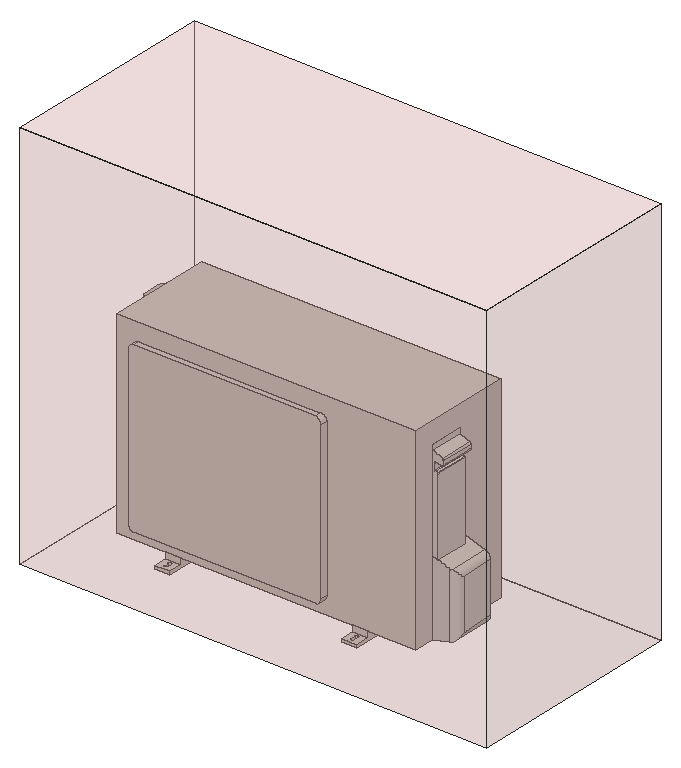
Revit family "MUZ-AY20VG-E1,ET1", category Mechanical Equipment, Revit 2018 (continued)
Automatic sketch dimensions
  curve 32 to Extrusion 4 = 0.00 mm  (x2)
  curve 33 to Extrusion 4 = 0.00 mm  (x2)
  curve 34 to Extrusion 4 = 0.00 mm  (x2)
  curve 35 to Extrusion 4 = 0.00 mm  (x2)
  curve 36 to Extrusion 4 = 0.00 mm  (x2)
  curve 37 to Extrusion 4 = 0.00 mm  (x2)
  curve 38 to Extrusion 4 = 0.00 mm  (x2)
  curve 39 to Extrusion 4 = 0.00 mm  (x2)
  curve 40 to Extrusion 4 = 0.00 mm  (x2)
  curve 41 to Extrusion 4 = 0.00 mm  (x2)
  curve 42 to Extrusion 4 = 0.00 mm  (x2)
  curve 43 to Extrusion 4 = 0.00 mm  (x2)
  curve 44 to Extrusion 4 = 0.00 mm  (x2)
  curve 45 to Extrusion 4 = 0.00 mm  (x2)
  curve 46 to Extrusion 4 = 0.00 mm  (x2)
  curve 68 to Extrusion 4 = 0.00 mm  (x2)
  curve 69 to Extrusion 4 = 0.00 mm  (x2)
  curve 424 to Extrusion 4 = 258.00 mm
  curve 424 to curve 425 = 0.00 mm  (x2)
  curve 425 to Extrusion 4 = 224.00 mm
  curve 26 to curve 424 = 18.00 mm
  curve 25 to curve 26 = 12.00 mm
  curve 24 to curve 25 = 12.00 mm
  curve 23 to curve 24 = 12.00 mm
  curve 22 to curve 23 = 12.107 mm
  curve 21 to curve 22 = 11.893 mm
  curve 20 to curve 21 = 12.00 mm
  curve 19 to curve 20 = 12.00 mm
  curve 18 to curve 19 = 12.00 mm
  curve 17 to curve 18 = 12.00 mm
  curve 11 to curve 17 = 12.00 mm
  curve 10 to curve 11 = 12.107 mm
  curve 9 to curve 10 = 11.893 mm
  curve 8 to curve 9 = 12.00 mm
  curve 7 to curve 8 = 12.00 mm
  curve 6 to curve 7 = 12.00 mm
  curve 5 to curve 6 = 12.00 mm
  curve 4 to curve 5 = 12.00 mm
  curve 71 to curve 4 = 12.00 mm
  curve 12 to Extrusion 4 = 12.00 mm
  curve 26 to curve 27 = 12.00 mm
  curve 27 to curve 28 = 12.00 mm
  curve 28 to curve 29 = 11.893 mm
  curve 29 to curve 30 = 12.107 mm
  curve 30 to curve 31 = 12.00 mm
  curve 31 to curve 32 = 12.00 mm
  curve 32 to curve 33 = 12.00 mm
  curve 33 to curve 34 = 12.00 mm
  curve 34 to curve 35 = 12.00 mm
  curve 35 to curve 36 = 11.893 mm
  curve 36 to curve 37 = 12.107 mm
  curve 37 to curve 38 = 12.00 mm
  curve 38 to curve 39 = 12.00 mm
  curve 39 to curve 40 = 12.00 mm
  curve 40 to curve 41 = 12.00 mm
  curve 41 to curve 42 = 11.893 mm
  curve 42 to curve 43 = 12.107 mm
  curve 43 to curve 44 = 12.00 mm
  curve 44 to curve 45 = 12.00 mm
  curve 45 to curve 46 = 12.00 mm
  curve 46 to curve 68 = 12.00 mm
  curve 16 to Extrusion 4 = 12.00 mm
  curve 16 to Extrusion 4 = 36.00 mm
  curve 16 to curve 15 = 94.00 mm
  curve 15 to curve 14 = 94.00 mm
  curve 14 to curve 13 = 94.00 mm
  curve 12 to curve 69 = 36.00 mm
  Extrusion 4 to curve 424 = 0.00 mm  (x2)
  curve 424 to curve 426 = 0.00 mm  (x3)
  curve 424 to curve 426 = 222.027 mm  (x2)
  radius of Extrusion 2 sketch curve = 1.954 mm  (x6)
  radius of Extrusion 3 sketch curve = 2.00 mm  (x4)
  radius of Extrusion 12 sketch curve = 21.00 mm
  radius of Extrusion 13 sketch curve = 2.00 mm
  radius of curve 424 = 250.00 mm
  radius of curve 425 = 186.676 mm
Nested families
  nested 1: "leg" at (225.1, -10.95, 0), type "leg"
  nested 2: "leg" at (-274.9, -10.95, 0), type "leg"
  nested 3: "ファミリ1" at (375.1, -50.141, 26), type "ファミリ1"
Connectors
  piping at (430.417, -33.1, 99.519), diameter 9.52, driven by "Gas pipe O.D. (mm)"
    settings: on Extrusion 5, index 1, connector inside diameter 609.6 mm, connector length 0.00 mm, flow factor 0, pipe flow 0.0 L/s, pressure drop 0.0 Pa, fitting loss kfactor 0, connector angle 0.00°, fixture units 0, engagement length 0.00 mm, angle of deflection 0.00°, flow configuration 0, flow direction 0, fitting loss method 0, system type 22, joint type 0, gender type 0, connector reference index -1, connector utility 0, adjustable connector no, is connector primary yes, connector description "Gas Pipe"
  piping at (430.417, -33.1, 164.527), diameter 6.35, driven by "Liquid pipe O.D. (mm)"
    settings: on Extrusion 6, index 2, connector inside diameter 609.6 mm, connector length 0.00 mm, flow factor 0, pipe flow 0.0 L/s, pressure drop 0.0 Pa, fitting loss kfactor 0, connector angle 0.00°, fixture units 0, engagement length 0.00 mm, angle of deflection 0.00°, flow configuration 0, flow direction 0, fitting loss method 0, system type 22, joint type 0, gender type 0, connector reference index -1, connector utility 0, adjustable connector no, is connector primary no, connector description "Liquid Pipe"
  electrical at (375.1, -5.1, 288), driven by "Phase", driven by "Voltage"
    settings: on cut or joined group of Extrusion 1, Extrusion 10, Extrusion 12, index 3, voltage 230 V, apparent load 0 VA, apparent load phase1 0 VA, apparent load phase2 0 VA, apparent load phase3 0 VA, power factor 1, load classification "Other", number of poles 1, system type 30, power factor state 1, is connector primary yes, connector utility no, sub classification motor no, connector description ""
Definition of nested family "leg"
  Parameters
    Manufacturer = "Mitsubishi Electric Corporation\r\n"
    Voltage = 0 V
    Unit Weight (kg) = 0
    URL = "http://global.mitsubishielectric.com/"
    Subcategory = "HVAC\r\n"
    Space View = yes
    Sound Pressure Level_Mid2 (dB(A)) = 0
    Sound Pressure Level_Mid1 (dB(A)) = 0
    Sound Pressure Level_Mid (dB(A)) = 0
    Sound Pressure Level_Low (dB(A)) = 0
    Sound Pressure Level_High (dB(A)) = 0
    Sound Pressure Level (dB(A)) = 0
    Refrigerant type = ""
    Refrigerant Charge (kg) = 0
    Protection Devices_Inverter circuit (COMP./FAN) = ""
    Protection Devices_High pressure (MPa) = ""
    Protection Devices_Fan motor = ""
    Protection Devices_Compressor = ""
    Protection Device = ""
    Phase = 1
    Maximum Overcurrent Protection (A) = 0
    Maximum Circuit Ampacity (A) = 0
    Indoor Unit Total Capacity = ""
    Indoor Unit Model/Quantity = ""
    Hertz = 0 Hz
    Heating Power Input (kW) = 0
    Heating Current (A) = 0
    Heating Capacity (BTU) = 0
    Fan_Type = ""
    Fan_Quantity = 0
    Fan Motor Output (kW) = 0
    External Material = ""
    Cooling Power Input (kW) = 0
    Cooling Current (A) = 0
    Cooling Capacity (BTU) = 0
    Connectable Outdoor Unit = ""
    Compressor_Type = ""
    Compressor_Quantity = 0
    Compressor_Lubricant = ""
    Compressor Motor Output (kW) = 0
    Compressor Case Heater (kW) = 0
    Airflow Rate_Mid2 (cfm) = 0
    Airflow Rate_Mid1 (cfm) = 0
    Airflow Rate_Mid (cfm) = 0
    Airflow Rate_Low (cfm) = 0
    Airflow Rate_High (cfm) = 0
    Airflow Rate (cfm) = 0
  Reference planes
    plane 1: z = 0
    plane 2 "中心(左/右)": x = 0
    plane 3: z = 26
    plane 4: z = 21
    plane 5: y = -171.65
    plane 6: x = -20
    plane 7: x = 20
    plane 8: z = 8
    plane 9: y = 172.85
    plane 10: y = -154.15
    plane 11: y = 0.55
    plane 12: y = 148.35
    plane 13: y = -136.65
  Forms (mm)
    Extrusion 1, solid
      sketch origin (0, 16.7, 0) x (0, -1, 0) y (0, 0, 1)
        loop
          line (188.35, 8) -> (153.35, 8) -> (153.35, 26) -> (-131.65, 26) -> (-131.65, 8) -> (-156.15, 8) -> (-156.15, 0) -> (188.35, 0) -> (188.35, 8)
      from 20 to -20
    Extrusion 2, void
      sketch origin (0, 32.286, 0) x (-1, 0, 0) y (0, -1, 0)
        loop
          arc (-5, 180.936) -> (0, 175.936) -> (5, 180.936) r 5
          line (5, 180.936) -> (5, 191.936)
          arc (5, 191.936) -> (0, 196.936) -> (-5, 191.936) r 5
          line (-5, 191.936) -> (-5, 180.936)
        loop
          arc (-5, -140.564) -> (0, -145.564) -> (5, -140.564) r 5
          line (5, -140.564) -> (5, -129.564)
          arc (5, -129.564) -> (0, -124.564) -> (-5, -129.564) r 5
          line (-5, -129.564) -> (-5, -140.564)
      from 0 to 8
  Cuts and joins
    Extrusion 2 cuts Extrusion 1
  Dimensions and locks
    plane 5 to plane 9 = 344.50 mm
    plane 5 to plane 10 = 17.50 mm
    plane 13 to plane 12 = 285.00 mm
    aligned and locked: plane 3 to cut or joined group of Extrusion 1, Extrusion 2
Definition of nested family "ファミリ1"
  Reference planes
    plane 1 "中心(正面/背面)": y = 0
    plane 2: z = 0
    plane 3 "中心(左/右)": x = 0
  Forms (mm)
    Extrusion 1, solid
      sketch origin (0, 0, 0) x (1, 0, 0) y (0, 0, 1)
        loop
          line (18, 197.992) -> (18, 404.026)
          arc (18, 404.026) -> (17.687, 405.1) -> (16.845, 405.838) r 2
          line (16.845, 405.838) -> (10.585, 408.758)
          arc (10.585, 408.758) -> (9.744, 409.496) -> (9.43, 410.57) r 2
          line (9.43, 410.57) -> (9.43, 428.596)
          arc (9.43, 428.596) -> (10.185, 430.161) -> (11.88, 430.545) r 2
          line (11.88, 430.545) -> (28.325, 426.748)
          arc (28.325, 426.748) -> (30.868, 427.324) -> (32, 429.672) r 3
          line (32, 429.672) -> (32, 440.553)
          arc (32, 440.553) -> (31.193, 443.276) -> (29.034, 445.121) r 5
          line (29.034, 445.121) -> (2.5, 456.934) -> (2.5, 469.86) -> (0, 469.86) -> (0, 203.495) -> (18, 197.992)
      from -45 to 45
    Extrusion 2, solid
      sketch origin (0, 0, 234.93) x (1, 0, 0) y (0, 0, 1)
        loop
          line (0, -31.434) -> (0, -234.93) -> (54.179, -220.403)
          arc (54.179, -220.403) -> (64.868, -213.26) -> (69, -201.086) r 20
          line (69, -201.086) -> (69, -67.329)
          arc (69, -67.329) -> (65.077, -55.433) -> (54.847, -48.203) r 20
          line (54.847, -48.203) -> (0, -31.434)
      from -65 to 45
    Extrusion 3, void
      sketch origin (0, 0, 0) x (1, 0, 0) y (0, 1, 0)
        loop
          arc (69, -25) -> (63.142, -39.142) -> (49, -45) r 20
          line (49, -45) -> (69, -45) -> (69, -25)
      from 0 to 200
  Cuts and joins
    Extrusion 3 cuts Extrusion 2
  Dimensions and locks
    aligned and locked: level to plane 2
